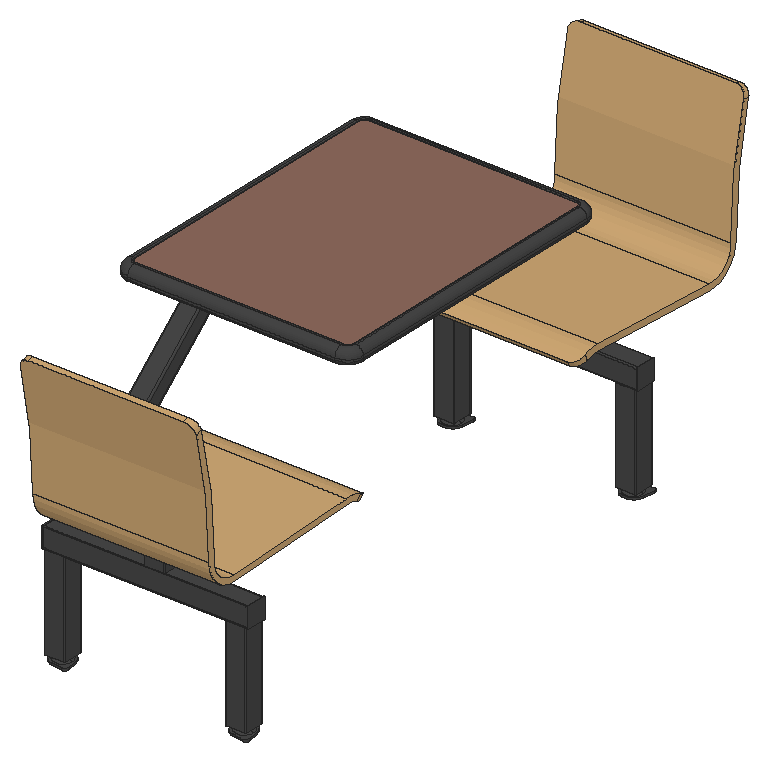
Revit family "Plymold-Essentials-Jupiter-2_Seat_Wall-Legacy", category Furniture, Revit 2021
Family settings
  OmniClass Number = 23.40.20.00
  OmniClass Title = General Furniture and Specialties
  Work Plane-Based = No
  Always vertical = Yes
  Cut with Voids When Loaded = No
  Shared = No
  Room Calculation Point = No
Parameters (values of type "JURE002DELE")
  Width = 23"
  VE = no
  URL = "https://plymold.com/"
  Type Comments = "Legacy"  # constant formula
  Top Finish = PLY - Wood Mahogany
  TPD = no
  Sustainability = "https://plymold.com/plymolds-sustainability-efforts/"
  Support Finish = PLY - Onyx Black Powdercoat
  Seat Finish = PLY - Plywood
  Revit File Built By = "https://servex-us.com/servex-revit/"
  Product Documentation Link = "https://plymold.com/product/jupiter-2-seat-wall-unit/"
  PVC = no
  Model = "JURE002DELE"
  Manufacturer = "Plymold"  # constant formula
  Keynote = "12500"  # constant formula
  Height = 29 3/4"
  Hardware Finish = PLY - Onyx Black Powdercoat
  Glide Finish = PLY - Plastic Black
  Edge Finish = PLY - Plastic Black
  Description = "2 Seat Wall Unit - Jupiter® Cluster w/Bullnose Dur-A-Edge® Table Top Unit - 23\"W x 59.25\"D x 29.75\"H"
  Depth = 59 1/4"
  Default Elevation = 0"
  DE = yes
  Cap Finish = PLY - Plastic Black
  Base Finish = PLY - Onyx Black Powdercoat
  Back Finish = PLY - Plastic Black
  Assembly Code = "E2020200"
Reference planes (in)
  plane 1 "Center Front/Back": y = 0
  plane 2: z = 0
  plane 3 "Center Left/Right": x = 0
  plane 4: x = 23
  plane 5: x = 11.5
  plane 6: z = 29.75
  plane 7: y = 29.625
  plane 8: y = -29.625
Dimensions and locks (in)
  equal spacing: plane 3 "Center Left/Right", plane 5, plane 4
  "Width": plane 3 "Center Left/Right" to plane 4
  "Height": plane 6 to plane 2
  "Depth": plane 7 to plane 8
  equal spacing: plane 8, plane 1 "Center Front/Back", plane 7
  aligned and locked: level to plane 2
  aligned and locked: nested 2 to plane 3 "Center Left/Right"
  aligned and locked: plane 1 "Center Front/Back" to nested 1
  aligned and locked: plane 3 "Center Left/Right" to nested 1
  aligned and locked: nested 2 to plane 1 "Center Front/Back"
  aligned and locked: nested 1 to nested 3  (x2)
  aligned and locked: nested 4 to nested 1  (x2)
Nested families (in)
  nested 1: "Base-Wall_Mount" at (0, 0, 0), Base Finish <- "Base Finish", Glides Finish <- "Glide Finish", Support Finish <- "Support Finish", Cap Finish <- "Cap Finish", type "Base-Wall_Mount"
    with Support Finish PLY - Onyx Black Powdercoat, Glides Finish PLY - Plastic Black, Cap Finish PLY - Plastic Black, Base Finish PLY - Onyx Black Powdercoat
  nested 2: "PLM-Cafeteria_Top" at (11.5, 0, 30) x (0, 1, 0) z (0, 0, 1), DE <- "DE", TPD <- "TPD", VE <- "VE", Edge Finish <- "Edge Finish", Top Finish <- "Top Finish", PVC <- "PVC", type "PLM-Cafeteria_Top"
    with W 30", VE-void 1/8", VE no, Top Finish PLY - Wood Mahogany, TPD-void 1/8", TPD no, PVC-void 1/8", PVC no, Edge Finish PLY - Plastic Black, DE-void 1 3/4", DE yes, D 23"
  nested 3: "Seat_Legacy" at (14.23926, 21.0448, 15.525), Hardware Finish <- "Hardware Finish", Seat Finish <- "Seat Finish", type "Seat_Legacy"
    with Seat Finish PLY - Plywood, Hardware Finish PLY - Onyx Black Powdercoat
  nested 4: "Seat_Legacy" at (14.23926, -21.0448, 15.525), Hardware Finish <- "Hardware Finish", Seat Finish <- "Seat Finish", type "Seat_Legacy"
    with Seat Finish PLY - Plywood, Hardware Finish PLY - Onyx Black Powdercoat
Definition of nested family "Base-Wall_Mount"
  Parameters (values of type "Base-Wall_Mount")
    Top Thickness = 1 1/4"
    Support Finish [instance] = none
    H = 29 3/4"
    Glides Finish [instance] = none
    Default Elevation = 0"
    Cap Finish [instance] = none
    Base Finish [instance] = none
  Reference planes (in)
    plane 1 "Center (Front/Back)": y = 0
    plane 2: z = 0
    plane 3 "Center (Left/Right)": x = 0
    plane 4: z = 28.386
    plane 5: z = 28.5
    plane 6: y = -22.50292
    plane 7: y = -24.50292
    plane 8: y = 22.50292
    plane 9: y = 24.50292
    plane 10: z = 15.875
    plane 11: through (12.7148, -23.60459, 48) normal (-0.7071, 0.7071, 0)
    plane 12: through (12.7148, 23.60459, 48) normal (0.7071, 0.7071, 0)
    plane 13: x = 20.695
    plane 14: x = 14.23926
    plane 15: y = -20.88683
    plane 16: x = 14.23926
    plane 17: y = 20.88683
    plane 18: z = 29.75
  Forms (in)
    Extrusion 1, solid, material <- "Support Finish"
      sketch origin (0, 0, 0) x (1, 0, 0) y (0, 0, 1)
        loop
          arc (4.43575, 27.7535) -> (4.30441, 27.6991) -> (4.25, 27.56775) r 0.18575
          line (4.25, 27.56775) -> (4.25, 26.441)
          arc (4.25, 26.441) -> (4.30492, 26.30842) -> (4.4375, 26.2535) r 0.1875
          line (4.4375, 26.2535) -> (5.56409, 26.2535)
          arc (5.56409, 26.2535) -> (5.69555, 26.30795) -> (5.75, 26.43941) r 0.18591
          line (5.75, 26.43941) -> (5.75, 27.5643)
          arc (5.75, 27.5643) -> (5.69458, 27.69809) -> (5.5608, 27.7535) r 0.1892
          line (5.5608, 27.7535) -> (4.43575, 27.7535)
        loop
          arc (10.43798, 27.7535) -> (10.30506, 27.69845) -> (10.25, 27.56553) r 0.18798
          line (10.25, 27.56553) -> (10.25, 26.441)
          arc (10.25, 26.441) -> (10.30492, 26.30842) -> (10.4375, 26.2535) r 0.1875
          line (10.4375, 26.2535) -> (11.56294, 26.2535)
          arc (11.56294, 26.2535) -> (11.69521, 26.30829) -> (11.75, 26.44056) r 0.18706
          line (11.75, 26.44056) -> (11.75, 27.566)
          arc (11.75, 27.566) -> (11.69508, 27.69859) -> (11.5625, 27.7535) r 0.1875
          line (11.5625, 27.7535) -> (10.43798, 27.7535)
      from -3 to 3
    Blend 2, solid, material <- "Base Finish"
      base sketch origin (0, 0, 0) x (1, 0, 0) y (0, 0, 1)
        loop
          arc (1.1875, 11.61305) -> (1.05492, 11.55813) -> (1, 11.42555) r 0.1875
          line (1, 11.42555) -> (1, 9.8125)
          arc (1, 9.8125) -> (1.05492, 9.67992) -> (1.1875, 9.625) r 0.1875
          line (1.1875, 9.625) -> (2.8125, 9.625)
          arc (2.8125, 9.625) -> (2.94508, 9.67992) -> (3, 9.8125) r 0.1875
          line (3, 9.8125) -> (3, 11.42555)
          arc (3, 11.42555) -> (2.94508, 11.55813) -> (2.8125, 11.61305) r 0.1875
          line (2.8125, 11.61305) -> (1.1875, 11.61305)
      top sketch origin (0, 0, 0) x (1, 0, 0) y (0, 0, 1)
        loop
          arc (1.1875, 28.33619) -> (1.05492, 28.28127) -> (1, 28.14869) r 0.1875
          line (1, 28.14869) -> (1, 26.53617)
          arc (1, 26.53617) -> (1.05492, 26.40359) -> (1.1875, 26.34867) r 0.1875
          line (1.1875, 26.34867) -> (2.8125, 26.34867)
          arc (2.8125, 26.34867) -> (2.94508, 26.40359) -> (3, 26.53617) r 0.1875
          line (3, 26.53617) -> (3, 28.14869)
          arc (3, 28.14869) -> (2.94508, 28.28127) -> (2.8125, 28.33619) r 0.1875
          line (2.8125, 28.33619) -> (1.1875, 28.33619)
      from 22.50292 to 3.134
    Extrusion 3, solid, material <- "Base Finish"
      sketch origin (0, 0, 0) x (0, 1, 0) y (0, 0, 1)
        loop
          line (-22.60448, 11.625) -> (-24.40136, 11.625)
          arc (-24.40136, 11.625) -> (-24.47317, 11.59525) -> (-24.50292, 11.52344) r 0.10156
          line (-24.50292, 11.52344) -> (-24.50292, 9.72656)
          arc (-24.50292, 9.72656) -> (-24.47317, 9.65475) -> (-24.40136, 9.625) r 0.10156
          line (-24.40136, 9.625) -> (-22.60448, 9.625)
          arc (-22.60448, 9.625) -> (-22.53267, 9.65475) -> (-22.50292, 9.72656) r 0.10156
          line (-22.50292, 9.72656) -> (-22.50292, 11.52344)
          arc (-22.50292, 11.52344) -> (-22.53267, 11.59525) -> (-22.60448, 11.625) r 0.10156
      from 0.875 to 20.625
    Extrusion 4, solid, material <- "Base Finish"
      sketch origin (0, 0, 0) x (1, 0, 0) y (0, 1, 0)
        loop
          arc (1.10236, -22.50292) -> (1.02998, -22.5329) -> (1, -22.60528) r 0.10236
          line (1, -22.60528) -> (1, -24.40419)
          arc (1, -24.40419) -> (1.02892, -24.474) -> (1.09873, -24.50292) r 0.09873
          line (1.09873, -24.50292) -> (2.89964, -24.50292)
          arc (2.89964, -24.50292) -> (2.97061, -24.47352) -> (3, -24.40256) r 0.10036
          line (3, -24.40256) -> (3, -22.60242)
          arc (3, -22.60242) -> (2.97086, -22.53206) -> (2.9005, -22.50292) r 0.0995
          line (2.9005, -22.50292) -> (1.10236, -22.50292)
        loop
          line (20.39764, -22.50292) -> (18.5995, -22.50292)
          arc (18.5995, -22.50292) -> (18.52914, -22.53206) -> (18.5, -22.60242) r 0.0995
          line (18.5, -22.60242) -> (18.5, -24.40256)
          arc (18.5, -24.40256) -> (18.52939, -24.47352) -> (18.60036, -24.50292) r 0.10036
          line (18.60036, -24.50292) -> (20.40127, -24.50292)
          arc (20.40127, -24.50292) -> (20.47108, -24.474) -> (20.5, -24.40419) r 0.09873
          line (20.5, -24.40419) -> (20.5, -22.60528)
          arc (20.5, -22.60528) -> (20.47002, -22.5329) -> (20.39764, -22.50292) r 0.10236
      from 0.563 to 9.625
    Extrusion 5, solid, material <- "Base Finish"
      sketch origin (0, 0, 0) x (0, -1, 0) y (0, 0, -1)
        loop
          arc (-22.60353, -11.625) -> (-22.53239, -11.59553) -> (-22.50292, -11.52439) r 0.10061
          line (-22.50292, -11.52439) -> (-22.50292, -9.72656)
          arc (-22.50292, -9.72656) -> (-22.53267, -9.65475) -> (-22.60448, -9.625) r 0.10156
          line (-22.60448, -9.625) -> (-24.40136, -9.625)
          arc (-24.40136, -9.625) -> (-24.47317, -9.65475) -> (-24.50292, -9.72656) r 0.10156
          line (-24.50292, -9.72656) -> (-24.50292, -11.52506)
          arc (-24.50292, -11.52506) -> (-24.47365, -11.59573) -> (-24.40298, -11.625) r 0.09994
          line (-24.40298, -11.625) -> (-22.60353, -11.625)
      from 0.875 to 20.625
    Extrusion 6, solid, material <- "Base Finish"
      sketch origin (0, 0, 0) x (1, 0, 0) y (0, 1, 0)
        loop
          line (1.10236, 22.50292) -> (2.9005, 22.50292)
          arc (2.9005, 22.50292) -> (2.97086, 22.53206) -> (3, 22.60242) r 0.0995
          line (3, 22.60242) -> (3, 24.40256)
          arc (3, 24.40256) -> (2.97061, 24.47352) -> (2.89964, 24.50292) r 0.10036
          line (2.89964, 24.50292) -> (1.09873, 24.50292)
          arc (1.09873, 24.50292) -> (1.02892, 24.474) -> (1, 24.40419) r 0.09873
          line (1, 24.40419) -> (1, 22.60528)
          arc (1, 22.60528) -> (1.02998, 22.5329) -> (1.10236, 22.50292) r 0.10236
        loop
          arc (20.39764, 22.50292) -> (20.47002, 22.5329) -> (20.5, 22.60528) r 0.10236
          line (20.5, 22.60528) -> (20.5, 24.40419)
          arc (20.5, 24.40419) -> (20.47108, 24.474) -> (20.40127, 24.50292) r 0.09873
          line (20.40127, 24.50292) -> (18.60036, 24.50292)
          arc (18.60036, 24.50292) -> (18.52939, 24.47352) -> (18.5, 24.40256) r 0.10036
          line (18.5, 24.40256) -> (18.5, 22.60242)
          arc (18.5, 22.60242) -> (18.52914, 22.53206) -> (18.5995, 22.50292) r 0.0995
          line (18.5995, 22.50292) -> (20.39764, 22.50292)
      from 0.563 to 9.625
    Blend 7, solid, material <- "Base Finish"
      base sketch origin (0, 28.75, 0) x (1, 0, 0) y (0, 0, 1)
        loop
          arc (1.1875, 11.61305) -> (1.05492, 11.55813) -> (1, 11.42555) r 0.1875
          line (1, 11.42555) -> (1, 9.8125)
          arc (1, 9.8125) -> (1.05492, 9.67992) -> (1.1875, 9.625) r 0.1875
          line (1.1875, 9.625) -> (2.8125, 9.625)
          arc (2.8125, 9.625) -> (2.94508, 9.67992) -> (3, 9.8125) r 0.1875
          line (3, 9.8125) -> (3, 11.42555)
          arc (3, 11.42555) -> (2.94508, 11.55813) -> (2.8125, 11.61305) r 0.1875
          line (2.8125, 11.61305) -> (1.1875, 11.61305)
      top sketch origin (0, 28.75, 0) x (1, 0, 0) y (0, 0, 1)
        loop
          arc (1.1875, 28.33619) -> (1.05492, 28.28127) -> (1, 28.14869) r 0.1875
          line (1, 28.14869) -> (1, 26.53617)
          arc (1, 26.53617) -> (1.05492, 26.40359) -> (1.1875, 26.34867) r 0.1875
          line (1.1875, 26.34867) -> (2.8125, 26.34867)
          arc (2.8125, 26.34867) -> (2.94508, 26.40359) -> (3, 26.53617) r 0.1875
          line (3, 26.53617) -> (3, 28.14869)
          arc (3, 28.14869) -> (2.94508, 28.28127) -> (2.8125, 28.33619) r 0.1875
          line (2.8125, 28.33619) -> (1.1875, 28.33619)
      from 6.24708 to 25.616
    Extrusion 8, solid, material <- "Base Finish"
      sketch origin (0, 0, 0) x (1, 0, 0) y (0, 1, 0)
        loop
          arc (10.72493, -22.50292) -> (10.65427, -22.53219) -> (10.625, -22.60285) r 0.09993
          line (10.625, -22.60285) -> (10.625, -24.40321)
          arc (10.625, -24.40321) -> (10.6542, -24.47371) -> (10.72471, -24.50292) r 0.09971
          line (10.72471, -24.50292) -> (12.5256, -24.50292)
          arc (12.5256, -24.50292) -> (12.59589, -24.47381) -> (12.625, -24.40352) r 0.0994
          line (12.625, -24.40352) -> (12.625, -22.60274)
          arc (12.625, -22.60274) -> (12.59576, -22.53216) -> (12.52518, -22.50292) r 0.09982
          line (12.52518, -22.50292) -> (10.72493, -22.50292)
        loop
          line (10.72493, 22.50292) -> (12.52518, 22.50292)
          arc (12.52518, 22.50292) -> (12.59576, 22.53216) -> (12.625, 22.60274) r 0.09982
          line (12.625, 22.60274) -> (12.625, 24.40352)
          arc (12.625, 24.40352) -> (12.59589, 24.47381) -> (12.5256, 24.50292) r 0.0994
          line (12.5256, 24.50292) -> (10.72471, 24.50292)
          arc (10.72471, 24.50292) -> (10.6542, 24.47371) -> (10.625, 24.40321) r 0.09971
          line (10.625, 24.40321) -> (10.625, 22.60285)
          arc (10.625, 22.60285) -> (10.65427, 22.53219) -> (10.72493, 22.50292) r 0.09993
      from 11.625 to 15.625
    Extrusion 9, solid, material <- "Support Finish"
      sketch origin (0, 0, 0) x (1, 0, 0) y (0, 1, 0)
        loop
          arc (12.95559, -19.23032) -> (12.81555, -19.25818) -> (12.69682, -19.33751) r 0.36596
          line (12.69682, -19.33751) -> (12.35305, -19.68128)
          arc (12.35305, -19.68128) -> (12.25649, -19.84503) -> (12.25126, -20.03504) r 0.38027
          arc (12.25126, -20.03504) -> (12.2418, -20.37827) -> (12.0674, -20.67403) r 0.68688
          line (12.0674, -20.67403) -> (11.92315, -20.81828)
          arc (11.92315, -20.81828) -> (11.74549, -20.94656) -> (11.5365, -21.01241) r 0.6875
          line (11.5365, -21.01241) -> (11.05678, -21.08257)
          arc (11.05678, -21.08257) -> (10.94278, -21.11849) -> (10.84587, -21.18845) r 0.375
          line (10.84587, -21.18845) -> (10.48383, -21.55049)
          arc (10.48383, -21.55049) -> (10.40255, -21.67215) -> (10.374, -21.81566) r 0.375
          line (10.374, -21.81566) -> (10.374, -24.37955)
          arc (10.374, -24.37955) -> (10.48365, -24.64427) -> (10.74836, -24.75392) r 0.37436
          line (10.74836, -24.75392) -> (13.31648, -24.75392)
          arc (13.31648, -24.75392) -> (13.45609, -24.72615) -> (13.57445, -24.64706) r 0.36482
          line (13.57445, -24.64706) -> (13.93985, -24.28166)
          arc (13.93985, -24.28166) -> (14.00951, -24.18518) -> (14.04527, -24.07169) r 0.37334
          line (14.04527, -24.07169) -> (14.11551, -23.59142)
          arc (14.11551, -23.59142) -> (14.18136, -23.38243) -> (14.30964, -23.20477) r 0.6875
          line (14.30964, -23.20477) -> (14.45408, -23.06032)
          arc (14.45408, -23.06032) -> (14.75103, -22.88565) -> (15.09544, -22.87725) r 0.68639
          arc (15.09544, -22.87725) -> (15.28244, -22.87269) -> (15.44367, -22.77785) r 0.37268
          line (15.44367, -22.77785) -> (15.78782, -22.43369)
          arc (15.78782, -22.43369) -> (15.86907, -22.3121) -> (15.8976, -22.16867) r 0.37479
          line (15.8976, -22.16867) -> (15.8976, -19.60498)
          arc (15.8976, -19.60498) -> (15.78786, -19.34006) -> (15.52294, -19.23032) r 0.37466
          line (15.52294, -19.23032) -> (12.95559, -19.23032)
      from 15.625 to 15.875
    Extrusion 10, solid, material <- "Support Finish"
      sketch origin (12.7148, -23.60459, 48) x (-0.707107, -0.707107, 0) y (0, 0, 1)
        loop
          line (-3.105, -32.375) -> (0, -35.48) -> (0, -32.5) -> (-0.125, -32.375) -> (-3.105, -32.375)
      from 0 to 0.127
    Extrusion 11, solid, material <- "Support Finish"
      sketch origin (12.7148, 23.60459, 48) x (-0.707107, 0.707107, 0) y (0, 0, -1)
        loop
          line (-3.105, 32.375) -> (-0.125, 32.375) -> (0, 32.5) -> (0, 35.48) -> (-3.105, 32.375)
      from 0 to 0.127
    Extrusion 12, solid, material <- "Glides Finish"
      sketch origin (0, 0, 15.875) x (1, 0, 0) y (0, 1, 0)
        loop
          line (19.32723, -24.61457) -> (20.4222, -24.78417)
          arc (20.4222, -24.78417) -> (20.69281, -24.69573) -> (20.78125, -24.42512) r 0.3146
          line (20.78125, -24.42512) -> (20.61165, -23.33015)
          arc (20.61165, -23.33015) -> (18.70369, -22.70661) -> (19.32723, -24.61457) r 1.12543
      from -15.875 to -15.725
    Revolve 13, solid, material <- "Glides Finish"
      sketch origin (0, -23.50249, 0) x (1, 0, 0) y (0, 0, 1)
        loop
          line (19.3125, 0.5) -> (19.12595, 0.5)
          arc (19.12595, 0.5) -> (18.9189, 0.25836) -> (18.6197, 0.15) r 0.62492
          line (18.6197, 0.15) -> (19.5, 0.15) -> (19.5, 0.563) -> (19.3125, 0.563) -> (19.3125, 0.5)
        axis (19.5, 0.563) -> (19.5, 0.15)
      angle from 0 to 360
    Extrusion 14, solid, material <- "Glides Finish"
      sketch origin (-17.49714, 0, 15.875) x (1, 0, 0) y (0, 1, 0)
        loop
          line (19.32723, -24.61465) -> (20.4222, -24.78425)
          arc (20.4222, -24.78425) -> (20.69281, -24.69581) -> (20.78125, -24.4252) r 0.3146
          line (20.78125, -24.4252) -> (20.61165, -23.33023)
          arc (20.61165, -23.33023) -> (18.70369, -22.70669) -> (19.32723, -24.61465) r 1.12543
      from -15.875 to -15.725
    Revolve 15, solid, material <- "Glides Finish"
      sketch origin (-17.49714, -23.50249, 0) x (1, 0, 0) y (0, 0, 1)
        loop
          line (19.3125, 0.5) -> (19.12595, 0.5)
          arc (19.12595, 0.5) -> (18.9189, 0.25836) -> (18.6197, 0.15) r 0.62492
          line (18.6197, 0.15) -> (19.5, 0.15) -> (19.5, 0.563) -> (19.3125, 0.563) -> (19.3125, 0.5)
        axis (19.5, 0.563) -> (19.5, 0.15)
      angle from 0 to 360
    Extrusion 16, solid, material <- "Glides Finish"
      sketch origin (0, 0, 15.875) x (1, 0, 0) y (0, 1, 0)
        loop
          arc (19.32723, 24.61465) -> (18.70369, 22.70669) -> (20.61165, 23.33023) r 1.12543
          line (20.61165, 23.33023) -> (20.78125, 24.4252)
          arc (20.78125, 24.4252) -> (20.69281, 24.69581) -> (20.4222, 24.78425) r 0.3146
          line (20.4222, 24.78425) -> (19.32723, 24.61465)
      from -15.875 to -15.725
    Revolve 17, solid, material <- "Glides Finish"
      sketch origin (0, 23.50249, 0) x (1, 0, 0) y (0, 0, -1)
        loop
          line (19.3125, -0.5) -> (19.3125, -0.563) -> (19.5, -0.563) -> (19.5, -0.15) -> (18.6197, -0.15)
          arc (18.6197, -0.15) -> (18.9189, -0.25836) -> (19.12595, -0.5) r 0.62492
          line (19.12595, -0.5) -> (19.3125, -0.5)
        axis (19.5, -0.563) -> (19.5, -0.15)
      angle from 0 to 360
    Revolve 18, solid, material <- "Glides Finish"
      sketch origin (-17.49714, 23.50249, 0) x (1, 0, 0) y (0, 0, -1)
        loop
          line (19.3125, -0.5) -> (19.3125, -0.563) -> (19.5, -0.563) -> (19.5, -0.15) -> (18.6197, -0.15)
          arc (18.6197, -0.15) -> (18.9189, -0.25836) -> (19.12595, -0.5) r 0.62492
          line (19.12595, -0.5) -> (19.3125, -0.5)
        axis (19.5, -0.563) -> (19.5, -0.15)
      angle from 0 to 360
    Extrusion 19, solid, material <- "Glides Finish"
      sketch origin (-17.49999, 0, 15.875) x (1, 0, 0) y (0, 1, 0)
        loop
          arc (19.32723, 24.61457) -> (18.70369, 22.70661) -> (20.61165, 23.33015) r 1.12543
          line (20.61165, 23.33015) -> (20.78125, 24.42512)
          arc (20.78125, 24.42512) -> (20.69281, 24.69573) -> (20.4222, 24.78417) r 0.3146
          line (20.4222, 24.78417) -> (19.32723, 24.61457)
      from -15.875 to -15.725
    Extrusion 20, solid, material <- "Support Finish"
      sketch origin (0, 0, 0) x (0, 1, 0) y (0, 0, 1)
        loop
          line (-5.67239, 28.386) -> (-5.67239, 26.14454) -> (-3.07631, 28.386) -> (-5.67239, 28.386)
      from 1.25 to 1.377
    Extrusion 21, solid, material <- "Support Finish"
      sketch origin (0, 0, 0) x (0, -1, 0) y (0, 0, -1)
        loop
          line (-5.67239, -28.386) -> (-3.07631, -28.386) -> (-5.67239, -26.14454) -> (-5.67239, -28.386)
      from 1.25 to 1.377
    Extrusion 22, solid, material <- "Cap Finish"
      sketch origin (0, 0, 0) x (0, 1, 0) y (0, 0, 1)
        loop
          line (24.40298, 11.625) -> (22.60353, 11.625)
          arc (22.60353, 11.625) -> (22.53239, 11.59553) -> (22.50292, 11.52439) r 0.10061
          line (22.50292, 11.52439) -> (22.50292, 9.72656)
          arc (22.50292, 9.72656) -> (22.53267, 9.65475) -> (22.60448, 9.625) r 0.10156
          line (22.60448, 9.625) -> (24.40136, 9.625)
          arc (24.40136, 9.625) -> (24.47317, 9.65475) -> (24.50292, 9.72656) r 0.10156
          line (24.50292, 9.72656) -> (24.50292, 11.52506)
          arc (24.50292, 11.52506) -> (24.47365, 11.59573) -> (24.40298, 11.625) r 0.09994
      from 0.805 to 0.875
    Extrusion 23, solid, material <- "Cap Finish"
      sketch origin (20.90783, 0, 0) x (0, 1, 0) y (0, 0, 1)
        loop
          line (24.40298, 11.625) -> (22.60353, 11.625)
          arc (22.60353, 11.625) -> (22.53239, 11.59553) -> (22.50292, 11.52439) r 0.10061
          line (22.50292, 11.52439) -> (22.50292, 9.72656)
          arc (22.50292, 9.72656) -> (22.53267, 9.65475) -> (22.60448, 9.625) r 0.10156
          line (22.60448, 9.625) -> (24.40136, 9.625)
          arc (24.40136, 9.625) -> (24.47317, 9.65475) -> (24.50292, 9.72656) r 0.10156
          line (24.50292, 9.72656) -> (24.50292, 11.52506)
          arc (24.50292, 11.52506) -> (24.47365, 11.59573) -> (24.40298, 11.625) r 0.09994
      from -0.28283 to -0.21283
    Extrusion 24, solid, material <- "Cap Finish"
      sketch origin (0, 0, 0) x (0, 1, 0) y (0, 0, 1)
        loop
          arc (-22.50292, 11.52506) -> (-22.53219, 11.59573) -> (-22.60286, 11.625) r 0.09994
          line (-22.60286, 11.625) -> (-24.40231, 11.625)
          arc (-24.40231, 11.625) -> (-24.47345, 11.59553) -> (-24.50292, 11.52439) r 0.10061
          line (-24.50292, 11.52439) -> (-24.50292, 9.72656)
          arc (-24.50292, 9.72656) -> (-24.47317, 9.65475) -> (-24.40136, 9.625) r 0.10156
          line (-24.40136, 9.625) -> (-22.60448, 9.625)
          arc (-22.60448, 9.625) -> (-22.53267, 9.65475) -> (-22.50292, 9.72656) r 0.10156
          line (-22.50292, 9.72656) -> (-22.50292, 11.52506)
      from 0.805 to 0.875
    Extrusion 25, solid, material <- "Cap Finish"
      sketch origin (23.75, 0, 0) x (0, 1, 0) y (0, 0, 1)
        loop
          arc (-22.50292, 11.52506) -> (-22.53219, 11.59573) -> (-22.60286, 11.625) r 0.09994
          line (-22.60286, 11.625) -> (-24.40231, 11.625)
          arc (-24.40231, 11.625) -> (-24.47345, 11.59553) -> (-24.50292, 11.52439) r 0.10061
          line (-24.50292, 11.52439) -> (-24.50292, 9.72656)
          arc (-24.50292, 9.72656) -> (-24.47317, 9.65475) -> (-24.40136, 9.625) r 0.10156
          line (-24.40136, 9.625) -> (-22.60448, 9.625)
          arc (-22.60448, 9.625) -> (-22.53267, 9.65475) -> (-22.50292, 9.72656) r 0.10156
          line (-22.50292, 9.72656) -> (-22.50292, 11.52506)
      from -3.125 to -3.055
    Extrusion 26, void
      sketch origin (0, 0, 0) x (1, 0, 0) y (0, 0, 1)
        loop
          line (0, 26.6395) -> (0, 26.1395) -> (0.5, 26.1395)
          arc (0.5, 26.1395) -> (0.14645, 26.28595) -> (0, 26.6395) r 0.5
        loop
          arc (13.3661, 26.26793) -> (13.21068, 26.17281) -> (13.03154, 26.1395) r 0.50151
          line (13.03154, 26.1395) -> (16, 26.1395) -> (16, 28.386) -> (13.3661, 26.26793)
      from -7.2085 to 7.2085
    Extrusion 27, solid, material <- "Support Finish"
      sketch origin (0, 0, 0) x (1, 0, 0) y (0, 1, 0)
        loop
          arc (12.95559, -19.23032) -> (12.81555, -19.25818) -> (12.69682, -19.33751) r 0.36596
          line (12.69682, -19.33751) -> (12.35305, -19.68128)
          arc (12.35305, -19.68128) -> (12.25649, -19.84503) -> (12.25126, -20.03504) r 0.38027
          arc (12.25126, -20.03504) -> (12.2418, -20.37827) -> (12.0674, -20.67403) r 0.68688
          line (12.0674, -20.67403) -> (11.92315, -20.81828)
          arc (11.92315, -20.81828) -> (11.74549, -20.94656) -> (11.5365, -21.01241) r 0.6875
          line (11.5365, -21.01241) -> (11.05678, -21.08257)
          arc (11.05678, -21.08257) -> (10.94278, -21.11849) -> (10.84587, -21.18845) r 0.375
          line (10.84587, -21.18845) -> (10.48383, -21.55049)
          arc (10.48383, -21.55049) -> (10.40255, -21.67215) -> (10.374, -21.81566) r 0.375
          line (10.374, -21.81566) -> (10.374, -24.37955)
          arc (10.374, -24.37955) -> (10.48365, -24.64427) -> (10.74836, -24.75392) r 0.37436
          line (10.74836, -24.75392) -> (13.31648, -24.75392)
          arc (13.31648, -24.75392) -> (13.45609, -24.72615) -> (13.57445, -24.64706) r 0.36482
          line (13.57445, -24.64706) -> (13.93985, -24.28166)
          arc (13.93985, -24.28166) -> (14.00951, -24.18518) -> (14.04527, -24.07169) r 0.37334
          line (14.04527, -24.07169) -> (14.11551, -23.59142)
          arc (14.11551, -23.59142) -> (14.18136, -23.38243) -> (14.30964, -23.20477) r 0.6875
          line (14.30964, -23.20477) -> (14.45408, -23.06032)
          arc (14.45408, -23.06032) -> (14.75103, -22.88565) -> (15.09544, -22.87725) r 0.68639
          arc (15.09544, -22.87725) -> (15.28244, -22.87269) -> (15.44367, -22.77785) r 0.37268
          line (15.44367, -22.77785) -> (15.78782, -22.43369)
          arc (15.78782, -22.43369) -> (15.86907, -22.3121) -> (15.8976, -22.16867) r 0.37479
          line (15.8976, -22.16867) -> (15.8976, -19.60498)
          arc (15.8976, -19.60498) -> (15.78786, -19.34006) -> (15.52294, -19.23032) r 0.37466
          line (15.52294, -19.23032) -> (12.95559, -19.23032)
        loop
          line (12.95559, 19.23032) -> (15.52294, 19.23032)
          arc (15.52294, 19.23032) -> (15.78786, 19.34006) -> (15.8976, 19.60498) r 0.37466
          line (15.8976, 19.60498) -> (15.8976, 22.16867)
          arc (15.8976, 22.16867) -> (15.86907, 22.3121) -> (15.78782, 22.43369) r 0.37479
          line (15.78782, 22.43369) -> (15.44367, 22.77785)
          arc (15.44367, 22.77785) -> (15.28244, 22.87269) -> (15.09544, 22.87725) r 0.37268
          arc (15.09544, 22.87725) -> (14.75103, 22.88565) -> (14.45408, 23.06032) r 0.68639
          line (14.45408, 23.06032) -> (14.30964, 23.20477)
          arc (14.30964, 23.20477) -> (14.18136, 23.38243) -> (14.11551, 23.59142) r 0.6875
          line (14.11551, 23.59142) -> (14.04527, 24.07169)
          arc (14.04527, 24.07169) -> (14.00951, 24.18518) -> (13.93985, 24.28166) r 0.37334
          line (13.93985, 24.28166) -> (13.57445, 24.64706)
          arc (13.57445, 24.64706) -> (13.45609, 24.72615) -> (13.31648, 24.75392) r 0.36482
          line (13.31648, 24.75392) -> (10.74836, 24.75392)
          arc (10.74836, 24.75392) -> (10.48365, 24.64427) -> (10.374, 24.37955) r 0.37436
          line (10.374, 24.37955) -> (10.374, 21.81566)
          arc (10.374, 21.81566) -> (10.40255, 21.67215) -> (10.48383, 21.55049) r 0.375
          line (10.48383, 21.55049) -> (10.84587, 21.18845)
          arc (10.84587, 21.18845) -> (10.94278, 21.11849) -> (11.05678, 21.08257) r 0.375
          line (11.05678, 21.08257) -> (11.5365, 21.01241)
          arc (11.5365, 21.01241) -> (11.74549, 20.94656) -> (11.92315, 20.81828) r 0.6875
          line (11.92315, 20.81828) -> (12.0674, 20.67403)
          arc (12.0674, 20.67403) -> (12.2418, 20.37827) -> (12.25126, 20.03504) r 0.68688
          arc (12.25126, 20.03504) -> (12.25649, 19.84503) -> (12.35305, 19.68128) r 0.38027
          line (12.35305, 19.68128) -> (12.69682, 19.33751)
          arc (12.69682, 19.33751) -> (12.81555, 19.25818) -> (12.95559, 19.23032) r 0.36596
      from 15.625 to 15.875
    Extrusion 28, solid, material <- "Support Finish"
      sketch origin (0, 0, 0) x (0, 1, 0) y (0, 0, 1)
        loop
          line (-7.2085, 28.5) -> (-7.2085, 28.386) -> (-3.22775, 28.386)
          arc (-3.22775, 28.386) -> (-3.16146, 28.35854) -> (-3.134, 28.29225) r 0.09375
          line (-3.134, 28.29225) -> (-3.134, 26.1395) -> (-3, 26.1395) -> (-3, 28.27225)
          arc (-3, 28.27225) -> (-3.06671, 28.43329) -> (-3.22775, 28.5) r 0.22775
          line (-3.22775, 28.5) -> (-7.2085, 28.5)
        loop
          line (7.2085, 28.5) -> (3.22775, 28.5)
          arc (3.22775, 28.5) -> (3.06671, 28.43329) -> (3, 28.27225) r 0.22775
          line (3, 28.27225) -> (3, 26.1395) -> (3.134, 26.1395) -> (3.134, 28.29225)
          arc (3.134, 28.29225) -> (3.16146, 28.35854) -> (3.22775, 28.386) r 0.09375
          line (3.22775, 28.386) -> (7.2085, 28.386) -> (7.2085, 28.5)
      from 0 to 16
  Cuts and joins
    joined: Extrusion 12, Revolve 13
    joined: Extrusion 14, Revolve 15
    Extrusion 26 cuts Extrusion 28
  Lines and regions (in)
    symbolic lines, detail levels medium+fine
      curve 1: line (20.695, 24.50292, 15.875) -> (1, 24.50292, 15.875)
      curve 2: line (1, 24.50292, 15.875) -> (1, -24.50292, 15.875)
      curve 3: line (1, -24.50292, 15.875) -> (20.695, -24.50292, 15.875)
      curve 4: line (20.695, -24.50292, 15.875) -> (20.695, -22.50292, 15.875)
      curve 5: line (20.695, -22.50292, 15.875) -> (3, -22.50292, 15.875)
      curve 6: line (3, -22.50292, 15.875) -> (3, 22.50292, 15.875)
      curve 7: line (3, 22.50292, 15.875) -> (20.695, 22.50292, 15.875)
      curve 8: line (20.695, 22.50292, 15.875) -> (20.695, 24.50292, 15.875)
      curve 9: line (15.52294, -19.23032, 15.875) -> (12.95559, -19.23032, 15.875)
      curve 10: arc (12.95559, -19.23032, 15.875) -> (12.81555, -19.25818, 15.875) -> (12.69682, -19.33751, 15.875) r 0.36596
      curve 11: line (12.69682, -19.33751, 15.875) -> (12.35305, -19.68128, 15.875)
      curve 12: arc (12.35305, -19.68128, 15.875) -> (12.25649, -19.84503, 15.875) -> (12.25126, -20.03504, 15.875) r 0.38027
      curve 13: arc (12.25126, -20.03504, 15.875) -> (12.2418, -20.37827, 15.875) -> (12.0674, -20.67403, 15.875) r 0.68688
      curve 14: line (12.0674, -20.67403, 15.875) -> (11.92315, -20.81828, 15.875)
      curve 15: arc (11.92315, -20.81828, 15.875) -> (11.74549, -20.94656, 15.875) -> (11.5365, -21.01241, 15.875) r 0.6875
      curve 16: line (11.5365, -21.01241, 15.875) -> (11.05678, -21.08257, 15.875)
      curve 17: arc (11.05678, -21.08257, 15.875) -> (10.94278, -21.11849, 15.875) -> (10.84587, -21.18845, 15.875) r 0.375
      curve 18: line (10.84587, -21.18845, 15.875) -> (10.48383, -21.55049, 15.875)
      curve 19: arc (10.48383, -21.55049, 15.875) -> (10.40255, -21.67215, 15.875) -> (10.374, -21.81566, 15.875) r 0.375
      curve 20: line (10.374, -21.81566, 15.875) -> (10.374, -24.37955, 15.875)
      curve 21: arc (10.374, -24.37955, 15.875) -> (10.48365, -24.64427, 15.875) -> (10.74836, -24.75392, 15.875) r 0.37436
      curve 22: line (10.74836, -24.75392, 15.875) -> (13.31648, -24.75392, 15.875)
      curve 23: arc (13.31648, -24.75392, 15.875) -> (13.45609, -24.72615, 15.875) -> (13.57445, -24.64706, 15.875) r 0.36482
      curve 24: line (13.57445, -24.64706, 15.875) -> (13.93985, -24.28166, 15.875)
      curve 25: arc (13.93985, -24.28166, 15.875) -> (14.00951, -24.18518, 15.875) -> (14.04527, -24.07169, 15.875) r 0.37334
      curve 26: line (14.04527, -24.07169, 15.875) -> (14.11551, -23.59142, 15.875)
      curve 27: arc (14.11551, -23.59142, 15.875) -> (14.18136, -23.38243, 15.875) -> (14.30964, -23.20477, 15.875) r 0.6875
      curve 28: line (14.30964, -23.20477, 15.875) -> (14.45408, -23.06032, 15.875)
      curve 29: arc (14.45408, -23.06032, 15.875) -> (14.75103, -22.88565, 15.875) -> (15.09544, -22.87725, 15.875) r 0.68639
      curve 30: arc (15.09544, -22.87725, 15.875) -> (15.28244, -22.87269, 15.875) -> (15.44367, -22.77785, 15.875) r 0.37268
      curve 31: line (15.44367, -22.77785, 15.875) -> (15.78782, -22.43369, 15.875)
      curve 32: arc (15.78782, -22.43369, 15.875) -> (15.86907, -22.3121, 15.875) -> (15.8976, -22.16867, 15.875) r 0.37479
      curve 33: line (15.8976, -22.16867, 15.875) -> (15.8976, -19.60498, 15.875)
      curve 34: arc (15.8976, -19.60498, 15.875) -> (15.78786, -19.34006, 15.875) -> (15.52294, -19.23032, 15.875) r 0.37466
      curve 35: line (12.95559, 19.23032, 15.875) -> (15.52294, 19.23032, 15.875)
      curve 36: arc (15.52294, 19.23032, 15.875) -> (15.78786, 19.34006, 15.875) -> (15.8976, 19.60498, 15.875) r 0.37466
      curve 37: line (15.8976, 19.60498, 15.875) -> (15.8976, 22.16867, 15.875)
      curve 38: arc (15.8976, 22.16867, 15.875) -> (15.86907, 22.3121, 15.875) -> (15.78782, 22.43369, 15.875) r 0.37479
      curve 39: line (15.78782, 22.43369, 15.875) -> (15.44367, 22.77785, 15.875)
      curve 40: arc (15.44367, 22.77785, 15.875) -> (15.28244, 22.87269, 15.875) -> (15.09544, 22.87725, 15.875) r 0.37268
      curve 41: arc (15.09544, 22.87725, 15.875) -> (14.75103, 22.88565, 15.875) -> (14.45408, 23.06032, 15.875) r 0.68639
      curve 42: line (14.45408, 23.06032, 15.875) -> (14.30964, 23.20477, 15.875)
      curve 43: arc (14.30964, 23.20477, 15.875) -> (14.18136, 23.38243, 15.875) -> (14.11551, 23.59142, 15.875) r 0.6875
      curve 44: line (14.11551, 23.59142, 15.875) -> (14.04527, 24.07169, 15.875)
      curve 45: arc (14.04527, 24.07169, 15.875) -> (14.00951, 24.18518, 15.875) -> (13.93985, 24.28166, 15.875) r 0.37334
      curve 46: line (13.93985, 24.28166, 15.875) -> (13.57445, 24.64706, 15.875)
      curve 47: arc (13.57445, 24.64706, 15.875) -> (13.45609, 24.72615, 15.875) -> (13.31648, 24.75392, 15.875) r 0.36482
      curve 48: line (13.31648, 24.75392, 15.875) -> (10.74836, 24.75392, 15.875)
      curve 49: arc (10.74836, 24.75392, 15.875) -> (10.48365, 24.64427, 15.875) -> (10.374, 24.37955, 15.875) r 0.37436
      curve 50: line (10.374, 24.37955, 15.875) -> (10.374, 21.81566, 15.875)
      curve 51: arc (10.374, 21.81566, 15.875) -> (10.40255, 21.67215, 15.875) -> (10.48383, 21.55049, 15.875) r 0.375
      curve 52: line (10.48383, 21.55049, 15.875) -> (10.84587, 21.18845, 15.875)
      curve 53: arc (10.84587, 21.18845, 15.875) -> (10.94278, 21.11849, 15.875) -> (11.05678, 21.08257, 15.875) r 0.375
      curve 54: line (11.05678, 21.08257, 15.875) -> (11.5365, 21.01241, 15.875)
      curve 55: arc (11.5365, 21.01241, 15.875) -> (11.74549, 20.94656, 15.875) -> (11.92315, 20.81828, 15.875) r 0.6875
      curve 56: line (11.92315, 20.81828, 15.875) -> (12.0674, 20.67403, 15.875)
      curve 57: arc (12.0674, 20.67403, 15.875) -> (12.2418, 20.37827, 15.875) -> (12.25126, 20.03504, 15.875) r 0.68688
      curve 58: arc (12.25126, 20.03504, 15.875) -> (12.25649, 19.84503, 15.875) -> (12.35305, 19.68128, 15.875) r 0.38027
      curve 59: line (12.35305, 19.68128, 15.875) -> (12.69682, 19.33751, 15.875)
      curve 60: arc (12.69682, 19.33751, 15.875) -> (12.81555, 19.25818, 15.875) -> (12.95559, 19.23032, 15.875) r 0.36596
  Dimensions and locks (in)
    plane 3 "Center (Left/Right)" to Blend 2 sketch curve to Blend 2 sketch curve = 1 3/16" locked, 1 5/8" locked  (x3)
    Blend 2 sketch curve to Blend 2 sketch curve to plane 2 = 1.61305" locked, 9 13/16" locked  (x2)
    Blend 2 sketch curve to Blend 2 sketch curve to plane 3 "Center (Left/Right)" = 1 5/8" locked, 1 3/16" locked
    Extrusion 1 sketch curve to Extrusion 1 sketch curve to Extrusion 1 sketch curve to Extrusion 1 sketch curve to plane 3 "Center (Left/Right)" = 1.12452" locked, 4.87718" locked, 1.12505" locked, 4.43575" locked
    Extrusion 1 sketch curve to Extrusion 1 sketch curve to Extrusion 1 sketch curve to Extrusion 1 sketch curve to plane 3 "Center (Left/Right)" = 1.12544" locked, 4.87341" locked, 1.12659" locked, 4 7/16" locked
    locked: Blend 7 sketch curve to Blend 7 sketch curve at 1.625  (x4)
    locked: Blend 7 sketch curve to Blend 7 sketch curve at 1.61252  (x2)
    locked: Blend 7 sketch curve to Blend 7 sketch curve at 1.61305  (x2)
    plane 3 "Center (Left/Right)" to Extrusion 6 sketch curve to Extrusion 6 sketch curve to Extrusion 6 sketch curve to Extrusion 6 sketch curve = 1.09873" locked, 1.80091" locked, 15.70072" locked, 1.80091" locked
    Extrusion 6 sketch curve to Extrusion 6 sketch curve to Extrusion 6 sketch curve to Extrusion 6 sketch curve to plane 3 "Center (Left/Right)" = 1.79814" locked, 15.699" locked, 1.79814" locked, 1.10236" locked
    locked: Extrusion 6 sketch curve to plane 9 at 0.09873  (x2)
    locked: Extrusion 6 sketch curve to plane 8 at 0.10236  (x2)
    locked: Extrusion 6 sketch curve to plane 9 at 0.10036  (x2)
    locked: Extrusion 6 sketch curve to plane 8 at 0.0995  (x2)
    Extrusion 8 sketch curve to Extrusion 8 sketch curve to plane 3 "Center (Left/Right)" = 1.80089" locked, 10.72471" locked
    Extrusion 8 sketch curve to Extrusion 8 sketch curve to plane 3 "Center (Left/Right)" = 1.80025" locked, 10.72493" locked
    plane 3 "Center (Left/Right)" to Extrusion 8 sketch curve to Extrusion 8 sketch curve = 10.72493" locked, 1.80025"
    plane 3 "Center (Left/Right)" to Extrusion 8 sketch curve to Extrusion 8 sketch curve = 10.72471" locked, 1.80089" locked
    Extrusion 8 sketch curve to Extrusion 8 sketch curve to plane 1 "Center (Front/Back)" to Extrusion 8 sketch curve to Extrusion 8 sketch curve = 1.80036" locked, 22.60285" locked, 22.60285" locked, 1.80036" locked
    Extrusion 8 sketch curve to Extrusion 8 sketch curve to plane 1 "Center (Front/Back)" to Extrusion 8 sketch curve to Extrusion 8 sketch curve = 1 205/256" locked, 22.60274" locked, 22.60274" locked, 1 205/256" locked
    plane 2 to Extrusion 10 sketch curve to Extrusion 10 sketch curve to Extrusion 10 sketch curve to Extrusion 10 sketch curve = 12.52" locked, 2.98" locked, 1/8" locked, 0" locked
    Extrusion 11 sketch curve to Extrusion 11 sketch curve to Extrusion 11 sketch curve to plane 2 = 1/8" locked, 2.98" locked, 12.52" locked
    locked: plane 3 "Center (Left/Right)" to Revolve 13 sketch curve at 19.5  (x2)
    locked: plane 3 "Center (Left/Right)" to Revolve 15 sketch curve at 2.00286
    locked: plane 3 "Center (Left/Right)" to Revolve 15 sketch curve at 1.81536
    locked: Revolve 15 sketch curve to plane 2 at 0.5
    locked: Revolve 15 sketch curve to plane 3 "Center (Left/Right)" at 1.06638
    locked: Revolve 15 sketch curve to plane 2 at 0.77239
    Extrusion 14 sketch curve to Extrusion 14 sketch curve to plane 3 "Center (Left/Right)" = 0.97087" locked, 2.00235" locked
    Extrusion 14 sketch curve to Extrusion 14 sketch curve to plane 7 = 0.97087" locked, 0.02956" locked
    Extrusion 19 sketch curve to Extrusion 19 sketch curve to plane 3 "Center (Left/Right)" = 0.97087" locked, 1.9995" locked
    plane 1 "Center (Front/Back)" to Extrusion 19 sketch curve to Extrusion 19 sketch curve = 23.50241" locked, 0.97087" locked
    locked: plane 3 "Center (Left/Right)" to Revolve 18 sketch curve at 2.00286  (x2)
    plane 3 "Center (Left/Right)" to Revolve 18 sketch curve to Revolve 18 sketch curve = 1.06638" locked, 0.74898" locked
    Extrusion 16 sketch curve to Extrusion 16 sketch curve to plane 3 "Center (Left/Right)" = 0.97087" locked, 19.49949" locked
    plane 1 "Center (Front/Back)" to Extrusion 16 sketch curve to Extrusion 16 sketch curve = 23.50249" locked, 0.97087" locked
    locked: plane 3 "Center (Left/Right)" to Revolve 17 sketch curve at 19.5
    plane 3 "Center (Left/Right)" to Revolve 17 sketch curve to Revolve 17 sketch curve to Revolve 17 sketch curve = 18.56352" locked, 0.74898" locked, 3/16" locked
    locked: Revolve 17 sketch curve to plane 2 at 0.5
    Extrusion 9 sketch curve to Extrusion 9 sketch curve to Extrusion 9 sketch curve to Extrusion 9 sketch curve to Extrusion 9 sketch curve to Extrusion 9 sketch curve to Extrusion 9 sketch curve to Extrusion 9 sketch curve to Extrusion 9 sketch curve to Extrusion 9 sketch curve to Extrusion 9 sketch curve to Extrusion 9 sketch curve to Extrusion 9 sketch curve to Extrusion 9 sketch curve to plane 3 "Center (Left/Right)" = 0.00013" locked, 0.34266" locked, 0.24071" locked, 0.14366" locked, 1.11991" locked, 23/64" locked, 0.36089" locked, 0.33365" locked, 1.04023" locked, 0.14469" locked, 0.32598" locked, 0.36204" locked, 0.00064" locked, 10.74836" locked
    Extrusion 9 sketch curve to Extrusion 9 sketch curve to Extrusion 9 sketch curve to Extrusion 9 sketch curve to Extrusion 9 sketch curve to Extrusion 9 sketch curve to Extrusion 9 sketch curve to Extrusion 9 sketch curve to Extrusion 9 sketch curve to Extrusion 9 sketch curve to Extrusion 9 sketch curve to Extrusion 9 sketch curve to Extrusion 9 sketch curve to Extrusion 9 sketch curve to plane 1 "Center (Front/Back)" = 0.00954" locked, 0.36189" locked, 0.32676" locked, 0.14523" locked, 1.03135" locked, 0.34565" locked, 0.35301" locked, 0.36204" locked, 1.12147" locked, 0.14381" locked, 0.23816" locked, 0.34519" locked, 0.0087" locked, 19.59628" locked
    Extrusion 5 sketch curve to Extrusion 5 sketch curve to plane 1 "Center (Front/Back)" = 1.79945" locked, 22.60353" locked
    Extrusion 5 sketch curve to Extrusion 5 sketch curve to plane 1 "Center (Front/Back)" = 1 51/64" locked, 22.60448" locked
    Extrusion 5 sketch curve to Extrusion 5 sketch curve to plane 2 = 1.7985" locked, 9 93/128" locked
    Extrusion 5 sketch curve to Extrusion 5 sketch curve to plane 2 = 1.79783" locked, 9 93/128" locked
    plane 1 "Center (Front/Back)" to Extrusion 3 sketch curve to Extrusion 3 sketch curve = 22.60448" locked, 1 51/64" locked
    Extrusion 3 sketch curve to Extrusion 3 sketch curve to plane 1 "Center (Front/Back)" = 1 51/64" locked, 22.60448" locked
    Extrusion 3 sketch curve to Extrusion 3 sketch curve to plane 2 = 1 51/64" locked, 9 93/128" locked  (x2)
    Extrusion 22 sketch curve to Extrusion 22 sketch curve to plane 1 "Center (Front/Back)" = 1.79945" locked, 22.60353" locked
    Extrusion 22 sketch curve to Extrusion 22 sketch curve to plane 1 "Center (Front/Back)" = 1 51/64" locked, 22.60448" locked
    Extrusion 22 sketch curve to Extrusion 22 sketch curve to plane 2 = 1.7985" locked, 9 93/128" locked
    Extrusion 22 sketch curve to Extrusion 22 sketch curve to plane 2 = 1.79783" locked, 9 93/128" locked
    Extrusion 23 sketch curve to Extrusion 23 sketch curve to plane 1 "Center (Front/Back)" = 1.79945" locked, 22.60353" locked
    Extrusion 23 sketch curve to Extrusion 23 sketch curve to plane 1 "Center (Front/Back)" = 1 51/64" locked, 22.60448" locked
    Extrusion 23 sketch curve to Extrusion 23 sketch curve to plane 2 = 1.7985" locked, 9 93/128" locked
    Extrusion 23 sketch curve to Extrusion 23 sketch curve to plane 2 = 1.79783" locked, 9 93/128" locked
    Extrusion 24 sketch curve to Extrusion 24 sketch curve to plane 2 = 1.7985" locked, 9 93/128" locked
    Extrusion 24 sketch curve to Extrusion 24 sketch curve to plane 2 = 1.79783" locked, 9 93/128" locked
    plane 1 "Center (Front/Back)" to Extrusion 24 sketch curve to Extrusion 24 sketch curve = 22.60286" locked, 1.79945" locked
    plane 1 "Center (Front/Back)" to Extrusion 24 sketch curve to Extrusion 24 sketch curve = 22.60448" locked, 1 51/64" locked
    locked: Extrusion 25 sketch curve to Extrusion 25 sketch curve at 1.7985
    locked: Extrusion 25 sketch curve to Extrusion 25 sketch curve at 1.79783
    locked: Extrusion 25 sketch curve to Extrusion 25 sketch curve at 1.79945
    locked: Extrusion 25 sketch curve to Extrusion 25 sketch curve at 1.79688
    "H": plane 18 to plane 2
    Extrusion 1 sketch curve to Extrusion 1 sketch curve to plane 18 = 1.12675" locked, 2.18225" locked
    Extrusion 1 sketch curve to Extrusion 1 sketch curve to plane 18 = 1.12489" locked, 2.1857" locked
    Extrusion 1 sketch curve to Extrusion 1 sketch curve to plane 18 = 1.12452" locked, 2.18447" locked
    Extrusion 1 sketch curve to Extrusion 1 sketch curve to plane 18 = 1.12544" locked, 2.184" locked
    Blend 2 sketch curve to Blend 2 sketch curve to plane 18 = 1.61252" locked, 1.60131"  (x2)
    locked: plane 5 to plane 4 at 0.114
    "Top Thickness": plane 18 to plane 5
    aligned and locked: plane 2 to level
    aligned and locked: plane 6 to Blend 2
    aligned and locked: plane 7 to Extrusion 4 sketch curve
    aligned and locked: plane 6 to Extrusion 4 sketch curve
    aligned and locked: Extrusion 4 sketch curve to plane 6
    aligned and locked: Extrusion 4 sketch curve to plane 7
    aligned and locked: Blend 7 to Extrusion 5
    aligned and locked: Extrusion 6 sketch curve to plane 9
    aligned and locked: plane 9 to Extrusion 6 sketch curve
    aligned and locked: Extrusion 6 sketch curve to plane 8
    aligned and locked: plane 8 to Extrusion 6 sketch curve
    aligned and locked: plane 10 to Extrusion 9
    aligned and locked: Extrusion 10 to plane 11
    aligned and locked: plane 12 to Extrusion 11
    aligned and locked: cut or joined group of Extrusion 12, Revolve 13 to plane 2
    aligned and locked: cut or joined group of Extrusion 14, Revolve 15 to plane 2
    aligned and locked: plane 8 to Extrusion 5 sketch curve
    aligned and locked: Extrusion 5 sketch curve to plane 9
    aligned and locked: Extrusion 3 sketch curve to plane 6
    aligned and locked: plane 7 to Extrusion 3 sketch curve
    aligned and locked: plane 9 to Extrusion 22 sketch curve
    aligned and locked: plane 8 to Extrusion 22 sketch curve
    aligned and locked: plane 9 to Extrusion 23 sketch curve
    aligned and locked: plane 8 to Extrusion 23 sketch curve
    aligned and locked: Extrusion 23 to plane 13
    aligned and locked: Extrusion 25 to plane 13
  Automatic sketch dimensions
    plane 6 to Extrusion 4 sketch curve = 0.10236"
    plane 3 "Center (Left/Right)" to Extrusion 4 sketch curve = 1"
    Extrusion 4 sketch curve to Extrusion 4 sketch curve = 0.09873"
    Extrusion 4 sketch curve to Extrusion 4 sketch curve = 1.80091"
    Extrusion 4 sketch curve to Extrusion 4 sketch curve = 1.79814"
    plane 6 to Extrusion 4 sketch curve = 0.0995"  (x2)
    plane 13 to Extrusion 4 sketch curve = 2.195"
    Extrusion 4 sketch curve to Extrusion 4 sketch curve = 0.10036"
    plane 13 to Extrusion 4 sketch curve = 0.29736"
    plane 7 to Extrusion 4 sketch curve = 0.09873"
    plane 13 to Extrusion 4 sketch curve = 0.29373"
    plane 3 "Center (Left/Right)" to Blend 7 sketch curve = 1"  (x2)
    Blend 7 sketch curve to Blend 7 sketch curve = 3/16"  (x4)
    plane 5 to Blend 7 sketch curve = 0.16381"
    Extrusion 8 sketch curve to plane 7 = 0"
    Extrusion 8 sketch curve to plane 8 = 0"
    plane 15 to Extrusion 9 sketch curve = 0.66367"
    Extrusion 9 sketch curve to Extrusion 9 sketch curve = 0.26517"
    plane 15 to Extrusion 9 sketch curve = 0.19574"
    Extrusion 9 sketch curve to plane 15 = 0.06854"
    Extrusion 9 sketch curve to plane 15 = 1.20554"
    Extrusion 9 sketch curve to Extrusion 9 sketch curve = 0.10179"
    Extrusion 9 sketch curve to plane 7 = 0.14415"
    plane 7 to Extrusion 9 sketch curve = 0.43123"
    plane 14 to Extrusion 9 sketch curve = 0.07037"
    plane 6 to Extrusion 9 sketch curve = 0.27493"
    plane 12 to Extrusion 10 sketch curve = 30.27693"
    Extrusion 10 sketch curve to Extrusion 10 sketch curve = 2.98"
    Extrusion 10 sketch curve to Extrusion 10 sketch curve = 1/8"
    Extrusion 11 sketch curve to Extrusion 11 sketch curve = 2.98"
    Extrusion 11 sketch curve to Extrusion 11 sketch curve = 1/8"
    Extrusion 12 sketch curve to plane 7 = 0.11165"
    plane 13 to Extrusion 12 sketch curve = 1.36777"
    Extrusion 12 sketch curve to Extrusion 12 sketch curve = 0.17226"
    plane 13 to Extrusion 12 sketch curve = 0.2728"
    plane 7 to Extrusion 12 sketch curve = 0.02964"
    plane 13 to Extrusion 12 sketch curve = 0.22464"
    plane 13 to Extrusion 12 sketch curve = 0.08335"
    plane 1 "Center (Front/Back)" to Extrusion 12 sketch curve = 24.42512"
    Revolve 13 sketch curve to Revolve 13 sketch curve = 3/16"
    Revolve 13 sketch curve to Revolve 13 sketch curve = 0.18655"
    Revolve 13 sketch curve to Revolve 13 sketch curve = 0.50625"
    Revolve 13 sketch curve to level = 1.20252"
    Extrusion 14 sketch curve to plane 7 = 0.11174"
    Extrusion 14 sketch curve to Extrusion 14 sketch curve = 0.17226"
    Revolve 15 sketch curve to Revolve 15 sketch curve = 0.05617"
    Revolve 15 sketch curve to Revolve 15 sketch curve = 3/16"
    Revolve 15 sketch curve to level = 1.20252"
    Extrusion 16 sketch curve to plane 9 = 0.11174"
    Extrusion 16 sketch curve to Extrusion 16 sketch curve = 0.17226"
    Revolve 17 sketch curve to Revolve 17 sketch curve = 0.05617"
    Revolve 17 sketch curve to Revolve 17 sketch curve = 0.18655"
    Revolve 17 sketch curve to level = 1.20252"
    Revolve 18 sketch curve to Revolve 18 sketch curve = 0.05617"
    Revolve 18 sketch curve to Revolve 18 sketch curve = 0.18655"
    Revolve 18 sketch curve to level = 1.20252"
    Extrusion 19 sketch curve to plane 9 = 0.11165"
    Extrusion 19 sketch curve to Extrusion 19 sketch curve = 0.17226"
    curve 5 to Extrusion 9 = 2.251"
    Extrusion 9 to curve 5 = 7.374"
    curve 3 to Extrusion 9 = 0.251"
    curve 3 to curve 5 = 2"
    Extrusion 9 to curve 8 = 4.7974"
    Extrusion 9 to curve 5 = 4.7974"
    curve 6 to curve 2 = 2"
    Extrusion 24 sketch curve to plane 7 = 0"
    Extrusion 24 sketch curve to Extrusion 24 sketch curve = 0"
    Extrusion 25 sketch curve to plane 7 = 0"
    plane 7 to Extrusion 25 sketch curve = 0.10061"
    Extrusion 25 sketch curve to Extrusion 25 sketch curve = 0"
    Extrusion 26 sketch curve to plane 3 "Center (Left/Right)" = 0"
    Extrusion 26 sketch curve to plane 4 = 0"
    plane 3 "Center (Left/Right)" to Extrusion 26 sketch curve = 1/2"
    Extrusion 26 sketch curve to plane 14 = 1.20831"
    Extrusion 26 sketch curve to Extrusion 26 sketch curve = 0.00058"
    plane 14 to Extrusion 26 sketch curve = 1.76074"
    Revolve 13 sketch curve to Revolve 13 sketch curve = 0.56243"
    level to Revolve 13 sketch curve = 0.15"
    Revolve 13 sketch curve to Revolve 13 sketch curve = 0.35"
    Revolve 13 sketch curve to Revolve 13 sketch curve = 0.063"
    Revolve 13 sketch curve to Revolve 13 sketch curve = 1.39667"
    Revolve 15 sketch curve to Revolve 15 sketch curve = 0.18655"
    Revolve 15 sketch curve to Revolve 15 sketch curve = 0.063"
    Revolve 15 sketch curve to Revolve 15 sketch curve = 1.39667"
    Revolve 17 sketch curve to Revolve 17 sketch curve = 0.063"
    Revolve 17 sketch curve to Revolve 17 sketch curve = 0.27239"
    Revolve 17 sketch curve to Revolve 17 sketch curve = 1.39667"
    level to Revolve 18 sketch curve = 0.15"
    Revolve 18 sketch curve to Revolve 18 sketch curve = 0.35"
    Revolve 18 sketch curve to Revolve 18 sketch curve = 0.063"
    Revolve 18 sketch curve to Revolve 18 sketch curve = 1.39667"
    Blend 2 sketch curve to Blend 2 sketch curve = 3/16"  (x2)
    Blend 7 sketch curve to plane 10 = 6 1/4"
    Extrusion 25 sketch curve to plane 6 = 0"
    Extrusion 25 sketch curve to plane 10 = 6 1/4"
    Extrusion 1 sketch curve to Extrusion 1 sketch curve = 0.18575"
    Extrusion 26 sketch curve to Extrusion 26 sketch curve = 0.33457"
    plane 5 to Extrusion 26 sketch curve = 1.85899"
    plane 5 to Extrusion 26 sketch curve = 1.8605"
    Extrusion 26 sketch curve to Extrusion 26 sketch curve = 0.37308"
    plane 11 to Extrusion 11 sketch curve = 30.27693"
    curve 18 to Extrusion 9 = 0.10983"
    curve 22 to Extrusion 9 = 0.37436"
    curve 18 to curve 17 = 0.26517"
    curve 18 to curve 16 = 0.2109"
    curve 17 to curve 16 = 0.47972"
    curve 15 to curve 14 = 0.38666"
    curve 14 to Extrusion 9 = 1.44371"
    curve 11 to Extrusion 9 = 0.45096"
    curve 11 to Extrusion 9 = 0.10719"
    curve 24 to Extrusion 9 = 0.10685"
    curve 24 to Extrusion 9 = 0.47226"
    curve 26 to Extrusion 9 = 0.68223"
    curve 26 to Extrusion 9 = 1.1625"
    curve 28 to Extrusion 9 = 1.54915"
    curve 28 to curve 28 = 0.14445"
    curve 30 to curve 31 = 0.34823"
    curve 34 to Extrusion 9 = 0.37466"
    curve 31 to Extrusion 9 = 0.10977"
    plane 9 to Extrusion 27 sketch curve = 0.12336"
    Extrusion 27 sketch curve to plane 14 = 3.86526"  (x2)
    Extrusion 27 sketch curve to plane 6 = 0.68726"
    plane 17 to Extrusion 27 sketch curve = 0.66367"
    Extrusion 27 sketch curve to Extrusion 27 sketch curve = 0.10983"  (x2)
    plane 15 to Extrusion 27 sketch curve = 0.66367"
    Extrusion 27 sketch curve to plane 7 = 0.251"
    Extrusion 27 sketch curve to Extrusion 27 sketch curve = 0.37436"
    Extrusion 27 sketch curve to plane 9 = 0.251"
    Extrusion 27 sketch curve to Extrusion 27 sketch curve = 0.26517"
    plane 17 to Extrusion 27 sketch curve = 0.30163"
    plane 15 to Extrusion 27 sketch curve = 0.30163"
    plane 15 to Extrusion 27 sketch curve = 0.19574"
    Extrusion 27 sketch curve to Extrusion 27 sketch curve = 0.2109"  (x2)
    plane 17 to Extrusion 27 sketch curve = 0.19574"
    Extrusion 27 sketch curve to Extrusion 27 sketch curve = 0.38024"  (x2)
    plane 17 to Extrusion 27 sketch curve = 0.12559"
    plane 15 to Extrusion 27 sketch curve = 0.12559"
    Extrusion 27 sketch curve to Extrusion 27 sketch curve = 0.14469"  (x2)
    Extrusion 27 sketch curve to plane 15 = 0.06854"
    Extrusion 27 sketch curve to plane 17 = 0.06854"
    Extrusion 27 sketch curve to plane 15 = 0.21279"
    Extrusion 27 sketch curve to plane 17 = 0.21279"
    Extrusion 27 sketch curve to plane 17 = 1.20554"
    Extrusion 27 sketch curve to Extrusion 27 sketch curve = 0.77134"  (x2)
    Extrusion 27 sketch curve to plane 15 = 1.20554"
    Extrusion 27 sketch curve to Extrusion 27 sketch curve = 0.26889"  (x3)
    Extrusion 27 sketch curve to Extrusion 27 sketch curve = 0.34377"  (x2)
    Extrusion 27 sketch curve to Extrusion 27 sketch curve = 0.25877"  (x2)
    plane 7 to Extrusion 27 sketch curve = 0.11382"
    Extrusion 27 sketch curve to plane 14 = 0.92279"  (x2)
    plane 9 to Extrusion 27 sketch curve = 0.11382"
    Extrusion 27 sketch curve to plane 9 = 0.14415"
    Extrusion 27 sketch curve to plane 7 = 0.14415"
    Extrusion 27 sketch curve to Extrusion 27 sketch curve = 23/64"  (x2)
    plane 7 to Extrusion 27 sketch curve = 0.22126"
    plane 9 to Extrusion 27 sketch curve = 0.22126"
    plane 7 to Extrusion 27 sketch curve = 0.43123"
    plane 9 to Extrusion 27 sketch curve = 0.43123"
    Extrusion 27 sketch curve to plane 14 = 0.12376"  (x2)
    plane 14 to Extrusion 27 sketch curve = 0.07037"  (x2)
    Extrusion 27 sketch curve to Extrusion 27 sketch curve = 0.14445"  (x2)
    plane 14 to Extrusion 27 sketch curve = 0.55651"  (x2)
    Extrusion 27 sketch curve to Extrusion 27 sketch curve = 0.14366"  (x2)
    plane 6 to Extrusion 27 sketch curve = 0.0114"
    Extrusion 27 sketch curve to Extrusion 27 sketch curve = 0.72606"  (x2)
    plane 8 to Extrusion 27 sketch curve = 0.0114"
    plane 6 to Extrusion 27 sketch curve = 0.27493"
    Extrusion 27 sketch curve to Extrusion 27 sketch curve = 0.34823"  (x2)
    plane 8 to Extrusion 27 sketch curve = 0.27493"
    Extrusion 27 sketch curve to Extrusion 27 sketch curve = 0.34266"  (x2)
    plane 14 to Extrusion 27 sketch curve = 1.28367"  (x2)
    Extrusion 27 sketch curve to plane 6 = 0.06923"
    Extrusion 27 sketch curve to plane 8 = 0.06923"
    Extrusion 27 sketch curve to Extrusion 27 sketch curve = 0.45096"
    Extrusion 9 to curve 8 = 41.73324"
    curve 50 to Extrusion 9 = 0"
    curve 37 to Extrusion 9 = 0"
    curve 52 to Extrusion 9 = 0.10983"
    curve 48 to Extrusion 9 = 0.37436"
    curve 51 to Extrusion 9 = 3/8"
    curve 52 to Extrusion 9 = 0.47187"
    curve 52 to curve 54 = 0.2109"
    curve 52 to curve 53 = 0.26517"
    curve 54 to curve 55 = 0.38024"
    curve 54 to curve 54 = 0.47972"
    curve 55 to curve 57 = 0.14469"
    curve 54 to curve 56 = 0.38666"
    curve 55 to curve 56 = 0.14425"
    curve 57 to curve 59 = 0.77134"
    curve 58 to curve 58 = 0.26889"  (x2)
    curve 59 to curve 59 = 0.34377"
    curve 60 to curve 60 = 0.25877"
    curve 49 to curve 47 = 2.56811"
    curve 48 to curve 46 = 0.25797"
    curve 47 to curve 45 = 23/64"
    curve 45 to curve 46 = 0.26399"
    curve 45 to curve 44 = 0.10542"
    curve 44 to curve 44 = 0.07023"
    curve 43 to curve 42 = 0.19413"
    curve 42 to curve 42 = 0.14445"
    curve 42 to curve 43 = 0.48614"
    curve 43 to curve 41 = 0.14366"
    curve 40 to Extrusion 9 = 0.71746"
    curve 40 to curve 39 = 0.26352"  (x2)
    curve 38 to curve 37 = 0.37479"
    curve 35 to Extrusion 9 = 0.37466"
    curve 39 to Extrusion 9 = 0.10977"
    curve 35 to curve 7 = 3.2726"
    curve 60 to curve 59 = 0.10719"
    curve 60 to curve 59 = 0.34377"
    curve 58 to curve 57 = 0.50706"
    curve 57 to curve 55 = 0.14381"
    curve 58 to curve 56 = 0.63899"
    curve 56 to curve 56 = 0.14425"
    curve 55 to curve 54 = 0.07015"
    curve 53 to curve 52 = 0.10589"
    curve 53 to curve 52 = 0.36204"
    curve 37 to curve 37 = 2.56369"
    curve 38 to curve 40 = 0.34565"
    curve 40 to curve 42 = 0.546"
    curve 41 to curve 42 = 0.14445"
